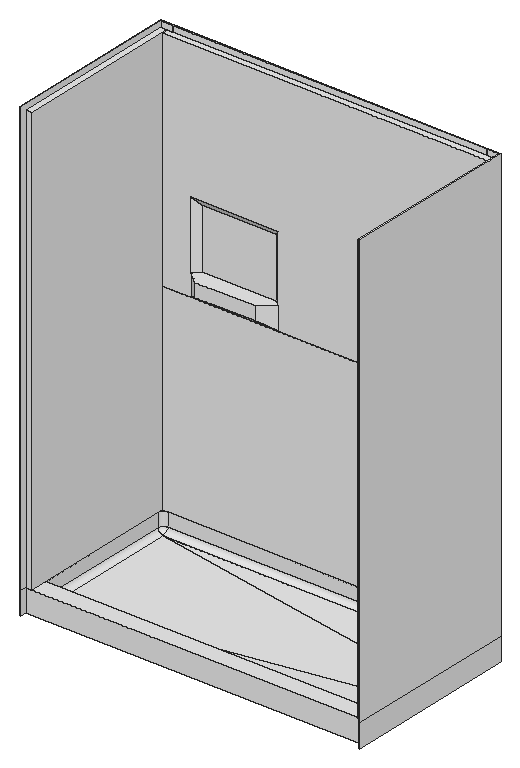
Revit family "5LBS6030SQ.V2 L-R", category Plumbing Fixtures, Revit 2019
Family settings
  Round Connector Dimension = Use Diameter
  Part Type = Normal
  OmniClass Number = 23.45.05.14.17
  OmniClass Title = Showers
  Work Plane-Based = No
  Always vertical = Yes
  Cut with Voids When Loaded = No
  Shared = No
  Room Calculation Point = No
Parameters (values of type "5LBS6030SQ.V2 L/R")
  Unit Width = 60"
  Unit Height = 80 1/2"
  Unit Depth = 31"
  URL = "http://www.bestbath.com/"
  Type Comments = "Remodeler"
  Model = "5LBS6030SQ.V2 L/R"
  Material [instance] = Best Bath Gelcoat Fiberglass - 4 x 8 Subway Tile
  Manufacturer = "Best Bath Systems, Inc."
  Keynote = "22 40 00.B3"
  Description = "4 x 8 Subway Tile Finish"
  Assembly Code = "D2010710"
Reference planes (in)
  plane 1 "Back": y = -0.5
  plane 2: z = 0
  plane 3 "Left": x = 0
  plane 4: x = 60
  plane 5: y = -30.5
  plane 6: z = 79.5
  plane 7: z = 0.75
  plane 8: z = 80.5
  plane 9: x = 51.5
  plane 10: y = -1.75
  plane 11: y = -14.5
  plane 12: z = 0.375
  plane 13: z = 4
  plane 14: z = 39.5
  plane 15: y = -31.5
  plane 16: z = 43.5
Forms (in)
  Extrusion 1, solid, material "Best Bath Gelcoat Fiberglass - Smooth"
    sketch origin (0, 0, 0) x (1, 0, 0) y (0, 1, 0)
      loop
        line (0, -0.5) -> (0, -30.5) -> (60, -30.5) -> (60, -0.5) -> (0, -0.5)
      loop
        line (49, -10.5) -> (49, -18.5) -> (54, -18.5) -> (54, -10.5) -> (49, -10.5)
    from 0 to 0.75
  Extrusion 2, solid, material "Best Bath Gelcoat Fiberglass - Smooth"
    sketch origin (0, 0, 0) x (1, 0, 0) y (0, 1, 0)
      loop
        line (1.25, -0.5) -> (1.25, -1.75) -> (58.75, -1.75) -> (58.75, -0.5) -> (1.25, -0.5)
    from 4 to 39.5
  Extrusion 3, solid, material "Best Bath Gelcoat Fiberglass - Smooth"
    sketch origin (0, 0, 0) x (1, 0, 0) y (0, 1, 0)
      loop
        line (0, -30.5) -> (1.25, -30.5) -> (1.25, -2.75)
        arc (1.25, -2.75) -> (1.54289, -2.04289) -> (2.25, -1.75) r 1
        line (2.25, -1.75) -> (57.75, -1.75)
        arc (57.75, -1.75) -> (58.45711, -2.04289) -> (58.75, -2.75) r 1
        line (58.75, -2.75) -> (58.75, -30.5) -> (60, -30.5) -> (60, -0.5) -> (0, -0.5) -> (0, -30.5)
    from 0 to 4
  Extrusion 4, solid, material "Best Bath Gelcoat Fiberglass - Smooth"
    sketch origin (0, 0, 0) x (1, 0, 0) y (0, 1, 0)
      loop
        line (0, -30.5) -> (1.25, -30.5) -> (1.25, -0.5) -> (0, -0.5) -> (0, -30.5)
      loop
        line (58.75, -30.5) -> (60, -30.5) -> (60, -0.5) -> (58.75, -0.5) -> (58.75, -30.5)
    from 4 to 79.5
  Sweep 5, solid, material "Best Bath Gelcoat Fiberglass - Smooth"
    path origin (0, 0, 0) x (1, 0, 0) y (0, 1, 0)
      loop
        line (1.25, -30.5) -> (1.25, -2.75)
        arc (1.25, -2.75) -> (1.54289, -2.04289) -> (2.25, -1.75) r 1
        line (2.25, -1.75) -> (57.75, -1.75)
        arc (57.75, -1.75) -> (58.45711, -2.04289) -> (58.75, -2.75) r 1
        line (58.75, -2.75) -> (58.75, -30.5)
    profile origin (1.25, -16.625, 0) x (-1, 0, 0) y (0, 0, 1)
      loop
        line (0, 0.75) -> (0, 1.7)
        arc (0, 1.7) -> (-0.27825, 1.02825) -> (-0.95, 0.75) r 0.95
        line (-0.95, 0.75) -> (0, 0.75)
  Blend 6, void
    base sketch origin (0, 0, 0) x (1, 0, 0) y (0, 1, 0)
      loop
        line (2.25, -27.5) -> (57.75, -27.5) -> (57.75, -2.75) -> (2.25, -2.75) -> (2.25, -27.5)
    top sketch origin (0, 0, 0) x (1, 0, 0) y (0, 1, 0)
      loop
        line (49, -10.5) -> (49, -18.5) -> (54, -18.5) -> (54, -10.5) -> (49, -10.5)
    from 0.75 to 0.375
  Extrusion 7, solid, material "Best Bath Gelcoat Fiberglass - Smooth"
    sketch origin (0, 0, 0) x (1, 0, 0) y (0, 1, 0)
      loop
        line (1.25, -0.5) -> (1.25, -1.75) -> (58.75, -1.75) -> (58.75, -0.5) -> (1.25, -0.5)
    from 39.5 to 79.5
  Sweep 8, solid, material "Best Bath Gelcoat Fiberglass - Smooth"
    path origin (0, 0, 0) x (1, 0, 0) y (0, 1, 0)
      loop
        line (1.25, -30.5) -> (58.75, -30.5)
    profile origin (30, -30.5, 0) x (0, 1, 0) y (0, 0, 1)
      loop
        line (0, 0) -> (3.8, 0) -> (3, 4) -> (0, 4) -> (0, 0)
  Extrusion 9, solid, material "Best Bath Gelcoat Fiberglass - Smooth"
    sketch origin (0, 0, 0) x (1, 0, 0) y (0, 1, 0)
      loop
        line (0, -30.5) -> (0, -31.5) -> (0.125, -31.5) -> (0.125, -30.5) -> (0, -30.5)
      loop
        line (60, -30.5) -> (59.875, -30.5) -> (59.875, -31.5) -> (60, -31.5) -> (60, -30.5)
    from 0 to 4
  Extrusion 10, solid, material "Best Bath Gelcoat Fiberglass - Smooth"
    sketch origin (0, 0, 0) x (1, 0, 0) y (0, 1, 0)
      loop
        line (2.25, -0.5) -> (2.25, -0.625) -> (57.75, -0.625) -> (57.75, -0.5) -> (2.25, -0.5)
    from 79.5 to 80.5
  Extrusion 11, solid, material "Best Bath Gelcoat Fiberglass - Smooth"
    sketch origin (0, 0, 0) x (1, 0, 0) y (0, 1, 0)
      loop
        line (0, -31.5) -> (0.125, -31.5) -> (0.125, -0.625) -> (2.25, -0.625) -> (2.25, -0.5) -> (0, -0.5) -> (0, -31.5)
      loop
        line (60, -31.5) -> (60, -0.5) -> (57.75, -0.5) -> (57.75, -0.625) -> (59.875, -0.625) -> (59.875, -31.5) -> (60, -31.5)
    from 4 to 80.5
  Blend 12, solid, material "Best Bath Gelcoat Fiberglass - Smooth"
    base sketch origin (0.5, -38, 0.5) x (1, 0, 0) y (0, 0, 1)
      loop
        line (53.25, 43) -> (37.75, 43) -> (37.75, 39) -> (53.25, 39) -> (53.25, 43)
    top sketch origin (0.5, -38, 0.5) x (1, 0, 0) y (0, 0, 1)
      loop
        line (40.125, 43) -> (40.125, 40.625) -> (50.875, 40.625) -> (50.875, 43) -> (40.125, 43)
    from -36.25 to -34.25
  Blend 13, void
    base sketch origin (0.5, -38.5, 0.5) x (1, 0, 0) y (0, 0, 1)
      loop
        line (37.75, 43) -> (53.25, 43) -> (53.25, 54.75) -> (37.75, 54.75) -> (37.75, 43)
    top sketch origin (0.5, -38.5, 0.5) x (1, 0, 0) y (0, 0, 1)
      loop
        line (39, 43) -> (52, 43) -> (52, 53.5) -> (39, 53.5) -> (39, 43)
    from -36.75 to -37.75
  Blend 14, void
    base sketch origin (59.5, -38.5, 0.5) x (-1, 0, 0) y (0, 0, -1)
      loop
        line (37.75, -43) -> (37.75, -54.75) -> (53.25, -54.75) -> (53.25, -43) -> (37.75, -43)
    top sketch origin (59.5, -38.5, 0.5) x (-1, 0, 0) y (0, 0, -1)
      loop
        line (39, -43) -> (39, -53.5) -> (52, -53.5) -> (52, -43) -> (39, -43)
    from -36.75 to -37.75
  Blend 15, solid, material "Best Bath Gelcoat Fiberglass - Smooth"
    base sketch origin (59.5, -38, 0.5) x (-1, 0, 0) y (0, 0, -1)
      loop
        line (53.25, -43) -> (53.25, -39) -> (37.75, -39) -> (37.75, -43) -> (53.25, -43)
    top sketch origin (59.5, -38, 0.5) x (-1, 0, 0) y (0, 0, -1)
      loop
        line (40.125, -43) -> (50.875, -43) -> (50.875, -40.625) -> (40.125, -40.625) -> (40.125, -43)
    from -36.25 to -34.25
  Extrusion 16, solid, material "Best Bath Gelcoat Fiberglass - Smooth"
    sketch origin (0, 0, 0) x (1, 0, 0) y (0, 1, 0)
      loop
        line (49, -10.5) -> (49, -18.5) -> (54, -18.5) -> (54, -10.5) -> (49, -10.5)
    from 0 to 0.25
  Extrusion 17, void
    sketch origin (0, 0, 0) x (1, 0, 0) y (0, 1, 0)
      loop
        circle (51.5, -14.5) r 1.5
    from 0 to 0.5
Cuts and joins
  Blend 6, Extrusion 17 cuts Extrusion 1
  Blend 6, Extrusion 17 cuts Extrusion 3
  Blend 6, Extrusion 17 cuts Sweep 5
  Extrusion 17 cuts Sweep 8
  Extrusion 17 cuts Extrusion 9
  Extrusion 17 cuts Extrusion 16
  joined: Extrusion 1, Extrusion 3, Sweep 5, Sweep 8, Extrusion 9, Extrusion 16
  Blend 13, Blend 14 cuts Extrusion 7
  Blend 13, Blend 14 cuts Extrusion 10
  Blend 13, Blend 14 cuts Blend 12
  joined: Extrusion 7, Extrusion 10, Blend 12, Blend 15
  joined: Extrusion 4, Extrusion 11
Dimensions and locks (in)
  "Unit Width": plane 3 "Left" to plane 4
  locked: plane 7 to level at 0.75
  locked: plane 8 to plane 6 at 1
  "Unit Height": plane 8 to level
  locked: plane 1 "Back" to plane 11 at 14
  plane 10 to plane 1 "Back" = 1 1/4"
  locked: plane 7 to plane 12 at 0.375
  locked: plane 14 to plane 13 at 35.5
  locked: plane 13 to level at 4
  locked: plane 5 to plane 15 at 1
  "Unit Depth": plane 15 to plane 1 "Back"
  locked: plane 16 to plane 14 at 4
  locked: Extrusion 1 sketch curve to Extrusion 1 sketch curve at 5
  locked: Extrusion 1 sketch curve to Extrusion 1 sketch curve at 8
  locked: plane 9 to plane 4 at 8.5
  aligned and locked: level to plane 2
  aligned and locked: Extrusion 1 to plane 7
  aligned and locked: plane 5 to Extrusion 1 sketch curve
  aligned and locked: plane 4 to Extrusion 1 sketch curve
  aligned and locked: Extrusion 2 sketch curve to Extrusion 1
  aligned and locked: Extrusion 2 sketch curve to plane 10
  aligned and locked: plane 13 to Extrusion 3
  aligned and locked: Extrusion 2 to plane 13
  aligned and locked: Extrusion 4 to Extrusion 2
  aligned and locked: plane 6 to Extrusion 4
  aligned and locked: Sweep 5 sketch curve to plane 7
  aligned and locked: Blend 6 to plane 12
  aligned and locked: Extrusion 1 to Blend 6
  aligned and locked: plane 14 to Extrusion 2
  aligned and locked: Extrusion 7 to Extrusion 2  (x2)
  aligned and locked: plane 6 to Extrusion 7
  aligned and locked: Extrusion 9 to Extrusion 2
  aligned and locked: plane 8 to Extrusion 10
  aligned and locked: Extrusion 10 to plane 6
  aligned and locked: Extrusion 11 to Extrusion 2
  aligned and locked: plane 8 to Extrusion 11
  aligned and locked: plane 16 to Blend 12
  aligned and locked: cut or joined group of Extrusion 7, Extrusion 10, Blend 12, Blend 13, Blend 14, Blend 15 to plane 16
  aligned and locked: Extrusion 16 sketch curve to cut or joined group of Extrusion 1, Extrusion 3, Sweep 5, Blend 6, Sweep 8, Extrusion 9, Extrusion 16, Extrusion 17  (x4)
  aligned and locked: Extrusion 2 to cut or joined group of Extrusion 4, Extrusion 11
  aligned and locked: Extrusion 2 to Extrusion 7
Automatic sketch dimensions
  plane 3 "Left" to Extrusion 2 sketch curve = 1 1/4"
  plane 4 to Extrusion 2 sketch curve = 1 1/4"
  Extrusion 3 sketch curve to plane 3 "Left" = 0"
  Extrusion 3 sketch curve to plane 5 = 0"  (x2)
  Extrusion 3 sketch curve to plane 10 = 0"
  plane 1 "Back" to Extrusion 3 sketch curve = 0"
  Extrusion 3 sketch curve to plane 4 = 0"
  plane 3 "Left" to Extrusion 3 sketch curve = 1 1/4"
  Extrusion 3 sketch curve to plane 10 = 1"
  plane 4 to Extrusion 3 sketch curve = 2 1/4"
  plane 4 to Extrusion 3 sketch curve = 1 1/4"
  Extrusion 4 sketch curve to plane 3 "Left" = 0"
  Extrusion 4 sketch curve to plane 5 = 0"  (x2)
  plane 1 "Back" to Extrusion 4 sketch curve = 0"  (x2)
  Extrusion 4 sketch curve to plane 4 = 0"
  plane 3 "Left" to Extrusion 4 sketch curve = 1 1/4"
  Sweep 5 sketch curve to profile plane = 0"
  Sweep 5 sketch curve to Sweep 5 sketch curve = 0.95"
  plane 3 "Left" to Blend 6 sketch curve = 2 1/4"
  plane 4 to Blend 6 sketch curve = 2 1/4"
  plane 5 to Blend 6 sketch curve = 3"
  Blend 6 sketch curve to plane 10 = 1"
  plane 1 "Back" to Extrusion 7 sketch curve = 0"
  Extrusion 7 sketch curve to plane 10 = 0"
  plane 3 "Left" to Extrusion 7 sketch curve = 1 1/4"
  plane 4 to Extrusion 7 sketch curve = 1 1/4"
  Sweep 8 sketch curve to plane 5 = 0"
  plane 3 "Left" to Sweep 8 sketch curve = 1 1/4"
  plane 4 to Sweep 8 sketch curve = 1 1/4"
  Extrusion 9 sketch curve to plane 3 "Left" = 0"
  Extrusion 9 sketch curve to plane 15 = 0"  (x2)
  Extrusion 9 sketch curve to plane 5 = 0"  (x2)
  Extrusion 9 sketch curve to plane 4 = 0"
  plane 3 "Left" to Extrusion 9 sketch curve = 1/8"
  Extrusion 9 sketch curve to Extrusion 9 sketch curve = 1/8"
  plane 1 "Back" to Extrusion 10 sketch curve = 0"
  plane 1 "Back" to Extrusion 10 sketch curve = 1/8"
  plane 3 "Left" to Extrusion 10 sketch curve = 2 1/4"
  plane 4 to Extrusion 10 sketch curve = 2 1/4"
  Extrusion 11 sketch curve to plane 3 "Left" = 0"
  Extrusion 11 sketch curve to plane 15 = 0"  (x2)
  plane 1 "Back" to Extrusion 11 sketch curve = 0"  (x2)
  Extrusion 11 sketch curve to plane 4 = 0"
  plane 3 "Left" to Extrusion 11 sketch curve = 1/8"
  plane 1 "Back" to Extrusion 11 sketch curve = 1/8"  (x2)
  Extrusion 11 sketch curve to Extrusion 11 sketch curve = 2 1/8"
  Extrusion 11 sketch curve to Extrusion 11 sketch curve = 2 1/4"
  Extrusion 11 sketch curve to Extrusion 11 sketch curve = 1/8"
  Blend 12 sketch curve to plane 16 = 0"  (x2)
  Blend 12 sketch curve to plane 14 = 0"
  plane 9 to Blend 12 sketch curve = 13 1/4"
  Blend 12 sketch curve to plane 9 = 2 1/4"
  plane 14 to Blend 12 sketch curve = 1 5/8"
  plane 9 to Blend 12 sketch curve = 10 7/8"
  plane 9 to Blend 12 sketch curve = 1/8"
  Blend 13 sketch curve to plane 16 = 0"  (x2)
  plane 9 to Blend 13 sketch curve = 13 1/4"
  Blend 13 sketch curve to plane 9 = 2 1/4"
  plane 16 to Blend 13 sketch curve = 11 3/4"
  plane 9 to Blend 13 sketch curve = 12"
  Blend 13 sketch curve to plane 9 = 1"
  plane 16 to Blend 13 sketch curve = 10 1/2"
  Blend 14 sketch curve to plane 16 = 0"  (x2)
  plane 3 "Left" to Blend 14 sketch curve = 21 3/4"
  plane 3 "Left" to Blend 14 sketch curve = 6 1/4"
  plane 16 to Blend 14 sketch curve = 11 3/4"
  plane 3 "Left" to Blend 14 sketch curve = 20 1/2"
  plane 3 "Left" to Blend 14 sketch curve = 7 1/2"
  plane 16 to Blend 14 sketch curve = 10 1/2"
  Blend 15 sketch curve to plane 16 = 0"  (x2)
  Blend 15 sketch curve to plane 14 = 0"
  plane 3 "Left" to Blend 15 sketch curve = 21 3/4"
  plane 3 "Left" to Blend 15 sketch curve = 6 1/4"
  plane 14 to Blend 15 sketch curve = 1 5/8"
  plane 3 "Left" to Blend 15 sketch curve = 19 3/8"
  plane 3 "Left" to Blend 15 sketch curve = 8 5/8"
  Sweep 5 sketch curve to plane 5 = 0"  (x2)
  Sweep 5 sketch curve to plane 10 = 0"
  plane 3 "Left" to Sweep 5 sketch curve = 1 1/4"
  Sweep 5 sketch curve to Sweep 5 sketch curve = 1"
  Sweep 5 sketch curve to plane 10 = 1"
  plane 4 to Sweep 5 sketch curve = 2 1/4"
  Extrusion 1 sketch curve to plane 3 "Left" = 0"
  plane 1 "Back" to Extrusion 1 sketch curve = 0"
  plane 9 to Extrusion 1 sketch curve = 2 1/2"
  Extrusion 1 sketch curve to plane 11 = 4"
  plane 9 to Blend 6 sketch curve = 2 1/2"
  Blend 6 sketch curve to plane 9 = 2 1/2"
  Blend 6 sketch curve to plane 11 = 4"
  plane 11 to Blend 6 sketch curve = 4"
  Extrusion 17 sketch curve to plane 9 = 0"
  Extrusion 17 sketch curve to plane 11 = 0"
  Sweep 8 sketch curve to level = 0"
  Sweep 8 sketch curve to profile plane = 0"
  Sweep 8 sketch curve to profile plane = 3"
  Sweep 8 sketch curve to profile plane = 3.8"
  level to Sweep 8 sketch curve = 4"
  Extrusion 4 sketch curve to Extrusion 4 sketch curve = 1 1/4"
  radius of Extrusion 17 sketch curve = 1 1/2"
